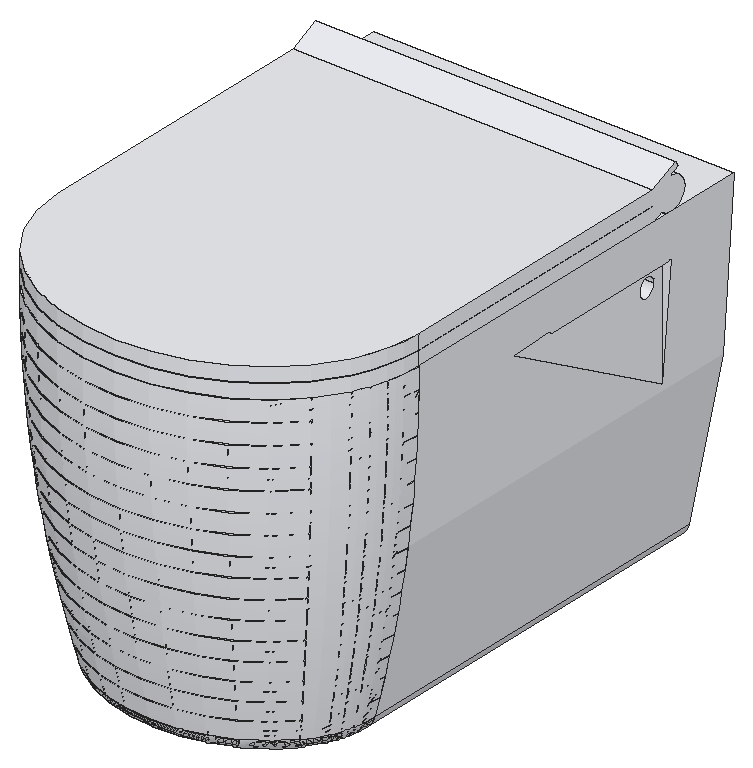
Revit family "PX_WC_LECICO_Adesso-Zambezi_PC-ZAMWHSCS", category Plumbing Fixtures, Revit 2016
Family settings
  Part Type = Normal
  Round Connector Dimension = Use Diameter
  OmniClass Number = 23.45.05.14.31.11
  OmniClass Title = Patients Combination Toilets
  Work Plane-Based = No
  Always vertical = Yes
  Cut with Voids When Loaded = No
  Shared = No
  Room Calculation Point = No
Parameters (values of type "LECICO WC Adesso Zambezi Wall Hung PC ZAMWHSCS")
  Weight WC = 29.50 kg
  WCPorcelain = Adesso Porcelain
  URL = "https://www.lecicosa.co.za/product/zambezi/"
  Type Comments = "CONCEALED CISTERN BOLT WIDTH 180MM"
  Tolani Civil Projects cc = "www.tcpbim.co.za"
  Model = "ZAMWHSCS"
  Manufacturer = "Lecico (Pty) Ltd"
  Created By = "Tolani Civil Projects cc"
Reference planes
  plane 1 "Center (Front/Back)": y = 0
  plane 2: z = 0
  plane 3 "Center (Left/Right)": x = 0
  plane 4: z = 300
  plane 5: z = 165
  plane 6: z = 455
  plane 7: y = -80
Forms (mm)
  Sweep 1, solid, material "Adesso Porcelain" <- "WCPorcelain"
    path origin (0, 0, 0) x (1, 0, 0) y (0, 1, 0)
      loop
        spline (-125, -405.055) -> (-120.741, -430.937) -> (-108.253, -455.055) -> (-88.388, -475.766) -> (-62.5, -491.657) -> (-32.352, -501.647) -> (0, -505.055) -> (32.352, -501.647) -> (62.5, -491.657) -> (88.388, -475.766) -> (108.253, -455.055) -> (120.741, -430.937) -> (125, -405.055)
    profile origin (-125, -405.055, 0) x (1, 0, 0) y (0, 0, 1)
      loop
        arc (-60, 455) -> (-48.443, 283.351) -> (-14.089, 114.779) r 1286.572
        arc (-14.089, 114.779) -> (-6.939, 104.119) -> (5.217, 100) r 20
        line (5.217, 100) -> (32.2, 100) -> (32.2, 155)
        arc (32.2, 155) -> (4.36, 303.854) -> (-5, 455) r 1231.572
        line (-5, 455) -> (-60, 455)
  Sweep 2, solid, material "Adesso Porcelain" <- "WCPorcelain"
    path origin (0, 0, 0) x (1, 0, 0) y (0, 1, 0)
      loop
        spline (-73.655, -405.055) -> (-72.054, -414.631) -> (-66.617, -425.008) -> (-56.313, -435.672) -> (-40.97, -445.044) -> (-21.59, -451.442) -> (0, -453.71) -> (21.59, -451.442) -> (40.97, -445.044) -> (56.313, -435.672) -> (66.617, -425.008) -> (72.054, -414.631) -> (73.655, -405.055)
    profile origin (-73.655, -405.055, 0) x (1, 0, 0) y (0, 0, 1)
      loop
        line (-56.345, 455) -> (-111.345, 455)
        arc (-111.345, 455) -> (-99.789, 283.352) -> (-65.435, 114.78) r 1286.572
        arc (-65.435, 114.78) -> (-58.285, 104.119) -> (-46.128, 100) r 20
        line (-46.128, 100) -> (0, 100) -> (0, 155) -> (-19.145, 155)
        arc (-19.145, 155) -> (-46.985, 303.854) -> (-56.345, 455) r 1231.573
  Extrusion 3, solid, material "Adesso Porcelain" <- "WCPorcelain"
    sketch origin (0, 0, 0) x (1, 0, 0) y (0, 1, 0)
      loop
        line (73.655, -405.055) -> (-73.655, -405.055)
        spline (-73.655, -405.055) -> (-72.054, -414.631) -> (-66.617, -425.008) -> (-56.313, -435.672) -> (-40.97, -445.044) -> (-21.59, -451.442) -> (0, -453.71) -> (21.59, -451.442) -> (40.97, -445.044) -> (56.313, -435.672) -> (66.617, -425.008) -> (72.054, -414.631) -> (73.655, -405.055)
    from 100 to 155
  Extrusion 4, solid, material "Adesso Porcelain" <- "WCPorcelain"
    sketch origin (0, 0, 0) x (1, 0, 0) y (0, 0, 1)
      loop
        line (-130, 455) -> (-185, 455)
        arc (-185, 455) -> (-173.443, 283.352) -> (-139.089, 114.78) r 1286.572
        arc (-139.089, 114.78) -> (-131.94, 104.119) -> (-119.783, 100) r 20
        line (-119.783, 100) -> (119.783, 100)
        arc (119.783, 100) -> (131.94, 104.119) -> (139.089, 114.78) r 20
        arc (139.089, 114.78) -> (173.443, 283.352) -> (185, 455) r 1286.572
        line (185, 455) -> (130, 455)
        arc (130, 455) -> (120.64, 303.854) -> (92.8, 155) r 1231.573
        line (92.8, 155) -> (-92.8, 155)
        arc (-92.8, 155) -> (-120.64, 303.854) -> (-130, 455) r 1231.573
    from 0 to 405.055
  Extrusion 5, solid, material "Adesso Porcelain" <- "WCPorcelain"
    sketch origin (0, 0, 0) x (1, 0, 0) y (0, 0, 1)
      loop
        line (-92.8, 155) -> (92.8, 155)
        arc (92.8, 155) -> (120.64, 303.854) -> (130, 455) r 1231.573
        line (130, 455) -> (-130, 455)
        arc (-130, 455) -> (-120.64, 303.854) -> (-92.8, 155) r 1231.573
    from 0 to 170.055
  Extrusion 6, void
    sketch origin (0, 0, 0) x (1, 0, 0) y (0, 0, 1)
      loop
        spline (-80.93, 155) -> (-72.234, 142.279) -> (-61.039, 131.21) -> (-47.73, 122.177) -> (-32.768, 115.491) -> (-16.673, 111.385) -> (0, 110) -> (16.673, 111.385) -> (32.768, 115.491) -> (47.73, 122.177) -> (61.039, 131.21) -> (72.234, 142.279) -> (80.93, 155)
        line (80.93, 155) -> (28.284, 155)
        arc (28.284, 155) -> (0, 135) -> (-28.284, 155) r 30
        line (-28.284, 155) -> (-80.93, 155)
      loop
        circle (0, 165) r 28
    from 0 to 8.064
  Extrusion 7, void
    sketch origin (0, 0, 0) x (1, 0, 0) y (0, 0, 1)
      loop
        spline (80.93, 155) -> (85.392, 164.731) -> (88.382, 174.897) -> (89.846, 185.324) -> (89.761, 195.832) -> (88.126, 206.239) -> (84.971, 216.366) -> (80.351, 226.039) -> (74.344, 235.089) -> (67.054, 243.361) -> (58.607, 250.713) -> (49.149, 257.017) -> (38.844, 262.165)
        line (38.844, 262.165) -> (80, 410) -> (-80, 410) -> (-38.844, 262.165)
        spline (-38.844, 262.165) -> (-49.149, 257.017) -> (-58.607, 250.713) -> (-67.054, 243.361) -> (-74.344, 235.089) -> (-80.351, 226.039) -> (-84.971, 216.366) -> (-88.126, 206.239) -> (-89.761, 195.832) -> (-89.846, 185.324) -> (-88.382, 174.897) -> (-85.392, 164.731) -> (-80.93, 155)
        line (-80.93, 155) -> (-28.284, 155)
        arc (-28.284, 155) -> (0, 195) -> (28.284, 155) r 30
        line (28.284, 155) -> (80.93, 155)
      loop
        circle (0, 300) r 18
      loop
        circle (0, 300) r 20
      loop
        circle (-100.186, 265) r 10
      loop
        circle (100.186, 265) r 10
      loop
        circle (0, 165) r 28
    from 0 to 7.938
  Extrusion 8, solid, material "Adesso Porcelain" <- "WCPorcelain"
    sketch origin (0, 0, 0) x (0, 1, 0) y (0, 0, 1)
      loop
        line (-103.491, 485) -> (-588.025, 485) -> (-588.025, 470.5) -> (-103.491, 470.5) -> (-96.402, 473.806)
        arc (-96.402, 473.806) -> (-96.466, 473.281) -> (-96.512, 472.754) r 16.556
        line (-96.512, 472.754) -> (-103.491, 469.5) -> (-588.025, 469.5) -> (-588.025, 455) -> (-103.491, 455) -> (-92.136, 460.295)
        arc (-92.136, 460.295) -> (-64.29, 466.333) -> (-82.978, 487.842) r 16.556
        line (-82.978, 487.842) -> (-71.734, 493.085) -> (-74.309, 498.608) -> (-103.491, 485)
    from -185 to 185
  Sweep 9, void
    path origin (0, 0, 0) x (1, 0, 0) y (0, 1, 0)
      loop
        line (185, -63.444) -> (185, -405.055)
        spline (185, -405.055) -> (177.635, -449.99) -> (156.907, -490.165) -> (125.873, -522.615) -> (87.673, -546.119) -> (44.929, -560.314) -> (-0.002, -565.056) -> (-44.927, -560.315) -> (-87.667, -546.123) -> (-125.878, -522.61) -> (-156.907, -490.166) -> (-177.632, -449.991) -> (-185, -405.055)
        line (-185, -405.055) -> (-185, -63.444)
    profile origin (-0.002, -565.056, 0) x (-0.000026, -1, 0) y (0, 0, 1)
      loop
        line (-0.001, 424.5) -> (134.999, 424.5) -> (134.999, 499.5) -> (-0.001, 499.5) -> (-0.001, 469.5) -> (-0.001, 424.5)
  Extrusion 10, void
    sketch origin (0, 0, 0) x (1, 0, 0) y (0, 1, 0)
      loop
        line (-174.644, -79.66) -> (-223.125, -79.66) -> (-223.125, -294.66) -> (-184.879, -294.66) -> (-174.644, -79.66)
    from 0 to 410
  Extrusion 11, void
    sketch origin (0, 0, 0) x (0, 1, 0) y (0, 0, 1)
      loop
        circle (-100, 390) r 10
    from -251.665 to -148.719
  Extrusion 12, void
    sketch origin (0, 0, 0) x (-1, 0, 0) y (0, -1, 0)
      loop
        line (-174.644, 79.66) -> (-184.879, 294.66) -> (-223.125, 294.66) -> (-223.125, 79.66) -> (-174.644, 79.66)
    from 0 to 410
  Extrusion 13, void
    sketch origin (0, 0, 0) x (0, 1, 0) y (0, 0, -1)
      loop
        circle (-100, -390) r 10
    from -251.665 to -148.719
Cuts and joins
  joined: Sweep 2, Extrusion 3
  Extrusion 6, Extrusion 10, Extrusion 11, Extrusion 12, Extrusion 13 cuts Extrusion 4
  Extrusion 7, Extrusion 12, Extrusion 13 cuts Extrusion 5
  joined: Extrusion 4, Extrusion 5
  Sweep 9 cuts Extrusion 8
Dimensions and locks
  plane 5 to level = 165 mm
  plane 6 to level = 455 mm
  plane 4 to level = 300 mm
  locked: Extrusion 5 to plane 1 "Center (Front/Back)" at 170.055
  locked: plane 1 "Center (Front/Back)" to Extrusion 6 at 8.064
  Extrusion 7 sketch curve to Extrusion 7 sketch curve to Extrusion 7 sketch curve to level = 35 mm locked, 100 mm locked, 165 mm locked
  Extrusion 7 sketch curve to Extrusion 7 sketch curve to level = 35 mm locked, 265 mm locked
  Extrusion 7 sketch curve to plane 3 "Center (Left/Right)" to Extrusion 7 sketch curve = 100.186 mm locked, 100.186 mm locked
  locked: plane 1 "Center (Front/Back)" to Extrusion 7 at 7.938
  locked: Extrusion 6 sketch curve to level at 165
  locked: Extrusion 6 sketch curve to level at 190
  Extrusion 8 sketch curve to Sweep 1 = 30 mm
  locked: plane 1 "Center (Front/Back)" to Extrusion 8 sketch curve at 588.025  (x2)
  plane 1 "Center (Front/Back)" to Extrusion 8 sketch curve to Extrusion 8 sketch curve to Extrusion 8 sketch curve to Extrusion 8 sketch curve to Extrusion 8 sketch curve = 74.309 mm, 8.67 mm, 13.424 mm, 7.089 mm locked, 0 mm locked
  plane 1 "Center (Front/Back)" to Extrusion 8 sketch curve to Extrusion 8 sketch curve to Extrusion 8 sketch curve to Extrusion 8 sketch curve to Extrusion 8 sketch curve to Extrusion 8 sketch curve = 71.734 mm locked, 2.575 mm locked, 17.827 mm locked, 4.376 mm locked, 6.979 mm locked, 0 mm locked
  level to Extrusion 8 sketch curve to Extrusion 8 sketch curve to Extrusion 8 sketch curve to Extrusion 8 sketch curve = 455 mm locked, 14.5 mm locked, 1 mm locked, 14.5 mm locked
  locked: plane 1 "Center (Front/Back)" to Extrusion 8 sketch curve at 80
  locked: Extrusion 8 sketch curve to level at 471.556
  Extrusion 8 to plane 3 "Center (Left/Right)" to Extrusion 8 = 185 mm locked, 185 mm locked
  cut or joined group of Extrusion 8, Sweep 9 to plane 3 "Center (Left/Right)" to cut or joined group of Extrusion 8, Sweep 9 = 185 mm locked, 185 mm locked
  plane 1 "Center (Front/Back)" to Sweep 9 sketch curve to Sweep 9 sketch curve = 565.055 mm locked, 135 mm locked
  Sweep 9 sketch curve to Sweep 9 sketch curve to level = 75 mm locked, 424.5 mm locked
  locked: plane 1 "Center (Front/Back)" to Extrusion 11 sketch curve at 100
  locked: Extrusion 11 sketch curve to level at 390
  Extrusion 11 to Extrusion 11 to plane 3 "Center (Left/Right)" = 102.946 mm locked, 148.719 mm locked
  Extrusion 13 to Extrusion 13 to plane 3 "Center (Left/Right)" = 102.946 mm locked, 148.719 mm locked
  Extrusion 8 sketch curve to Extrusion 8 sketch curve to Extrusion 8 sketch curve to Extrusion 8 sketch curve to Extrusion 8 sketch curve to level = 5.523 mm locked, 5.244 mm locked, 14.036 mm locked, 13.511 mm locked, 460.295 mm locked
  aligned and locked: level to plane 2
  aligned and locked: Sweep 2 to Extrusion 3 sketch curve
  aligned and locked: Extrusion 5 sketch curve to Extrusion 4  (x2)
  aligned and locked: Sweep 1 to Extrusion 5 sketch curve
  aligned and locked: Extrusion 7 to plane 1 "Center (Front/Back)"
  aligned and locked: cut or joined group of Extrusion 4, Extrusion 5, Extrusion 6, Extrusion 7, Extrusion 10, Extrusion 11, Extrusion 12, Extrusion 13 to Extrusion 6 sketch curve
  aligned and locked: Sweep 9 sketch curve to Extrusion 8
  aligned and locked: Extrusion 8 to Sweep 9 sketch curve
